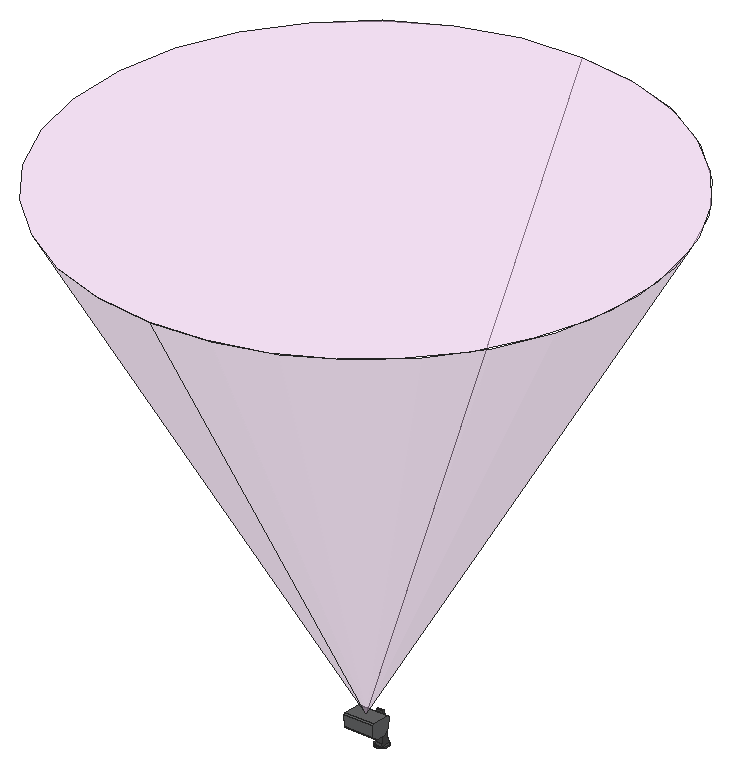
Revit family "Speaker-NearField-Panasonic-Wall_Mounted_RAMSA_WS-AR080SeriesX", category Communication Devices, host Face, Revit 2022
Family settings
  Host = Face
  Round Connector Dimension = Use Diameter
  Part Type = Normal
  OmniClass Number = 23.85.10.11.14.14.14
  OmniClass Title = Loudspeakers
  Cut with Voids When Loaded = No
  Maintain Annotation Orientation = Yes
  Shared = No
  Room Calculation Point = No
Parameters (values of type "RAMSA, WS-AR080K")
  z Portrait Layout [instance] = not(Landscape Layout)  # no
  z Landscape Layout [instance] = Landscape Layout  # yes
  Width = 312.00 mm  # constant formula
  Weight = 10.00 kgf  # constant formula
  View Volume Material = Panasonic - ViewVolume
  URL = "https://connect.panasonic.com/jp-ja/"
  Type = "2ウェイバスレフ形"  # constant formula
  Tilt Angle Min = 0.00°  # constant formula
  Tilt Angle Max [instance] = if(Landscape Layout, 20.00°, 15.00°)  # 20.00°
  Tilt Angle Desired [instance] = 0.00°
  Tilt Angle Actual [instance] = if(Tilt Angle Desired < Tilt Angle Min, Tilt Angle Min, if(Tilt Angle Desired > Tilt Angle Max, Tilt Angle Max, Tilt Angle Desired))  # 0.00°
  Speaker unit = "低域用 ：20 cmコーンスピーカー, 高域用 ：チタン振動板ドームツィーター（SCWGホーン）"  # constant formula
  Show CutOut [instance] = yes
  SV Visible = (1 = 0)  # no
  SPL Actual [instance] = if(Desired Coverage SPL on axis > Sound Power Level, Sound Power Level, if(Desired Coverage SPL on axis < Sound Power Level - 40, Sound Power Level - 40, Desired Coverage SPL on axis))  # 85
  SPL = "93 dB （1 W/m、Typical、半自由空間）"  # constant formula
  SCV Vertical Offset [instance] = if(z Landscape Layout, 312.00 mm / 2 + 78.40 mm, if(z Portrait Layout, 455.00 mm / 2 + 78.40 mm, 999.00 mm))  # 234.40 mm
  SCV Horizontal Offset [instance] = 105.00 mm  # constant formula
  Show Coverage Area [instance] = yes
  Reachable Distance Max [instance] = 200000.00 mm * tan(90.00° - Sound Coverage Horizontal Angle / 2)  # 346410.162 mm
  Limit for Reachable Distance Actual [instance] = if(Limit for Reachable Distance > Reachable Distance Max, Reachable Distance Max, if(Limit for Reachable Distance < 1.00 mm, 1.00 mm, Limit for Reachable Distance))  # 30000.00 mm
  Rated Input = "130W"  # constant formula
  Upper Limit for Reachable Distance [instance] = if(Limit for Reachable Distance > 400000.00 mm, 400000.00 mm, Limit for Reachable Distance)  # 30000.00 mm
  Limit for Reachable Distance [instance] = 30000.00 mm
  Landscape Layout [instance] = yes
  Desired Coverage SPL on axis [instance] = 85
  Sound Power Level = 93  # constant formula
  SCV Radius V [instance] = tan(Sound Coverage Vertical Angle / 2) * Reachable Distance  # 16535.261 mm
  SCV Radius H [instance] = tan(Sound Coverage Horizontal Angle / 2) * Reachable Distance  # 16535.261 mm
  Sound Coverage Vertical Angle = 60.00°  # constant formula
  Sound Coverage Horizontal Angle = 60.00°  # constant formula
  Reachable Distance [instance] = if(Calc Reachable * 1000.00 mm > Limit for Reachable Distance Actual, Limit for Reachable Distance Actual, Calc Reachable * 1000.00 mm)  # 28639.912 mm
  Provide Feedback = "https://connect.panasonic.com/jp-ja/products-services/sound/supportcenter"
  Product Page URL = "https://connect.panasonic.com/jp-ja/products-services/ramsa-sp/lineup/ws-ar080"
  Product Material = Plastic - HIPS Black (Munsell N1 Approx color)
  Product Documentation Link = "https://partner.connect.panasonic.com/jp-ja/products-services/lineup/WS-AR080-K"
  Part Number = "WS-AR080-K"
  Part Description = Description  # "RAMSA 20cm 2ウェイスピーカー WS-AR080-K"
  Pan Angle Min = -60.00°  # constant formula
  Pan Angle Max = 60.00°  # constant formula
  Pan Handle Length = 100.00 mm  # constant formula
  Pan Angle Desired [instance] = 0.00°
  Pan Angle Actual [instance] = if(Pan Angle Desired < Pan Angle Min, Pan Angle Min, if(Pan Angle Desired > Pan Angle Max, Pan Angle Max, Pan Angle Desired))  # 0.00°
  Original Creation Date = "2024/08/05"  # constant formula
  Operational Temperature = "-10℃~+50℃"  # constant formula
  Model Disclaimer = "Contact Panasonic for more information"  # constant formula
  Model = Description  # "RAMSA 20cm 2ウェイスピーカー WS-AR080-K"
  Manufacturer = "Panasonic"  # constant formula
  Input connector = "2個（パラレル、推奨プラグ NL2FX / NL4FX）"  # constant formula
  Input Impedance = "8 Ω"  # constant formula
  Height = 455.00 mm  # constant formula
  Frequency characteristic = "40 Hz～20 kHz（－20 dB、Typical、半自由空間）, 70 Hz～18 kHz（－10 dB、Typical、半自由空間）"  # constant formula
  Finish = "エンクロージャー ：PP樹脂成型、黒色半艶塗装（マンセルN1近似色） パンチングネット ：金属製（SPCC）、黒色半艶塗装（マンセルN1近似色）"
  Family Version = "1.0.0"  # constant formula
  Equipment Number = ""
  Equipment Abbreviation = "SP"  # constant formula
  Distance to Left [instance] = 8000.00 mm
  Distance to Right [instance] = 8000.00 mm
  Distance to Front [instance] = 8000.00 mm
  Distance to Bottom [instance] = 8000.00 mm
  Distance to Top [instance] = 8000.00 mm
  Description = "RAMSA 20cm 2ウェイスピーカー WS-AR080-K"
  Depth = 260.00 mm  # constant formula
  Default Elevation = 2700.00 mm  # constant formula
  Date Last Modified = "2024/08/05"  # constant formula
  Cutout Offset [instance] = 400010.00 mm  # constant formula
  Coverage = "60° x 60°"  # constant formula
  Copyright = "Copyright © Panasonic"  # constant formula
  Calc Reachable [instance] = 10 ^ ((Sound Power Level + 10 * log(130) - SPL Actual) / 20)  # 28.6399
  CO Distance to Right [instance] = if(not(Show CutOut), 200000.00 mm, if(and(Show CutOut, Distance to Right < 100.00 mm), 100.00 mm, if(and(Show CutOut, Distance to Right > 400000.00 mm), 400000.00 mm, Distance to Right)))  # 8000.00 mm
  CO Distance to Left [instance] = if(not(Show CutOut), 200000.00 mm, if(and(Show CutOut, Distance to Left < 100.00 mm), 100.00 mm, if(and(Show CutOut, Distance to Left > 400000.00 mm), 400000.00 mm, Distance to Left)))  # 8000.00 mm
  CO Distance to Front [instance] = if(not(Show CutOut), 200000.00 mm, if(and(Show CutOut, Distance to Front < 100.00 mm), 100.00 mm, if(and(Show CutOut, Distance to Front > 400000.00 mm), 400000.00 mm, Distance to Front)))  # 8000.00 mm
  CO Distance to Bottom [instance] = if(not(Show CutOut), 200000.00 mm, if(and(Show CutOut, Distance to Bottom < 100.00 mm), 100.00 mm, if(and(Show CutOut, Distance to Bottom > 400000.00 mm), 400000.00 mm, Distance to Bottom)))  # 8000.00 mm
  CO Distance to Top [instance] = if(not(Show CutOut), 200000.00 mm, if(and(Show CutOut, Distance to Top < 100.00 mm), 100.00 mm, if(and(Show CutOut, Distance to Top > 400000.00 mm), 400000.00 mm, Distance to Top)))  # 8000.00 mm
Types (2, lengths in mm): name | Product Material | Product Documentation Link | Part Number | Part Description | Model | Finish | Description
  RAMSA, WS-AR080W | Plastic - HIPS White (Munsell N9.3 Approx color） | "https://partner.connect.panasonic.com/jp-ja/products-services/lineup/WS-AR080-W" | "WS-AR080-W" | "RAMSA 20cm 2ウェイスピーカー WS-AR080-W" | "RAMSA 20cm 2ウェイスピーカー WS-AR080-W" | "エンクロージャー ：PP樹脂成型、白色半艶塗装（マンセルN9近似色）, パンチングネット ：金属製（SPCC）、白色半艶塗装（マンセルN9近似色）" | "RAMSA 20cm 2ウェイスピーカー WS-AR080-W"
  RAMSA, WS-AR080K | Plastic - HIPS Black (Munsell N1 Approx color) | "https://partner.connect.panasonic.com/jp-ja/products-services/lineup/WS-AR080-K" | "WS-AR080-K" | "RAMSA 20cm 2ウェイスピーカー WS-AR080-K" | "RAMSA 20cm 2ウェイスピーカー WS-AR080-K" | "エンクロージャー ：PP樹脂成型、黒色半艶塗装（マンセルN1近似色） パンチングネット ：金属製（SPCC）、黒色半艶塗装（マンセルN1近似色）" | "RAMSA 20cm 2ウェイスピーカー WS-AR080-K"
Reference planes
  plane 1 "Center (Front/Back)": y = 0
  plane 2: z = 0
  plane 3 "Center (Left/Right)": x = 0
  plane 4 "Left cut": x = -8000
  plane 5 "Right cut": x = 8000
  plane 6 "Left Bracket": x = -24
  plane 7 "Right Bracket": x = 24
  plane 8: x = -400010
  plane 9: x = 400010
  plane 10: y = 100
  plane 11: y = -40
  plane 12: y = -67.6
  plane 13: z = 510
  plane 14: z = 455
  plane 15 "Front Cut": z = 8000
  plane 16 "Under Cut": y = -8000
  plane 17: x = -400010
  plane 18: x = 400010
  plane 19: z = 400010
  plane 20: y = 8000
  plane 21: z = -400010
Forms (mm)
  Revolve 1, solid, material "Panasonic - ViewVolume" <- "View Volume Material", visible <- "Show Coverage Area"
    sketch origin (0, -502, 560) x (0, 0, 1) y (0, -1, 0)
      loop
        line (0, -200) -> (28640.174, -200) -> (28640.174, 16335.412) -> (0, -200)
      axis (0, -200) -> (28640.174, -200)
    angle from 0 to 360
  Extrusion 2, void
    sketch origin (0, 0, 0) x (-1, 0, 0) y (0, 0, 1)
      loop
        line (400010, 400010) -> (-400010, 400010) -> (-400010, -400010) -> (400010, -400010) -> (400010, 400010)
      loop
        line (8000, 8000) -> (-8000, 8000) -> (-8000, 0) -> (8000, 0) -> (8000, 8000)
    from -8000 to 8000
  Extrusion 3, void
    sketch origin (0, -8000, -3740) x (0, 0, 1) y (1, 0, 0)
      loop
        line (-396270, -400010) -> (403750, -400010) -> (403750, 400010) -> (-396270, 400010) -> (-396270, -400010)
    from 0 to -400010
  Extrusion 4, void
    sketch origin (0, 8000, -3740) x (0, 0, 1) y (1, 0, 0)
      loop
        line (-396270, 400010) -> (-396270, -400010) -> (403750, -400010) -> (403750, 400010) -> (-396270, 400010)
    from 0 to 400010
Cuts and joins
  Extrusion 2, Extrusion 3, Extrusion 4 cuts Revolve 1
Lines and regions (mm)
  reference lines
    curve 1: line (0, -67.6, 455) -> (100, -67.6, 455)
    curve 2: line (0, -67.6, 455) -> (0, -67.6, 335)
    curve 3: line (0, -67.6, 455) -> (0, -67.6, 305)
    curve 4: line (0, -302, 455) -> (0, -67.6, 455)
    curve 5: line (0, -302, 455) -> (0, -302, 560)
    curve 6: line (0, -502, 560) -> (0, -302, 560)
    curve 7: line (0, -502, 560) -> (0, -502, 29199.912)
    curve 8: line (0, -502, 29200.174) -> (0, 198, 29200.174)
Dimensions and locks
  equal spacing: plane 6 "Left Bracket", plane 3 "Center (Left/Right)", plane 7 "Right Bracket"
  plane 6 "Left Bracket" to plane 7 "Right Bracket" = 48.00 mm
  "CO Distance to Left": plane 4 "Left cut" to plane 3 "Center (Left/Right)"
  "CO Distance to Right": plane 3 "Center (Left/Right)" to plane 5 "Right cut"
  "Cutout Offset": plane 8 to plane 3 "Center (Left/Right)"
  "Cutout Offset": plane 3 "Center (Left/Right)" to plane 9
  locked: plane 1 "Center (Front/Back)" to plane 10 at 100
  locked: plane 11 to plane 10 at 140
  locked: plane 12 to plane 11 at 27.6
  locked: plane 13 to level at 510
  locked: plane 13 to plane 14 at 55
  locked: curve 1 to curve 1 at 100
  locked: curve 3 to curve 3 at 150
  "SCV Vertical Offset": curve 4 to curve 4
  "SCV Horizontal Offset": curve 5 to curve 5
  locked: curve 6 to curve 6 at 200
  "Reachable Distance": curve 7 to curve 7
  locked: curve 8 to curve 8 at 700
  "CO Distance to Front": plane 15 "Front Cut" to level
  "CO Distance to Bottom": plane 16 "Under Cut" to plane 1 "Center (Front/Back)"
  "Cutout Offset": plane 3 "Center (Left/Right)" to plane 17
  "Cutout Offset": plane 18 to plane 3 "Center (Left/Right)"
  "Cutout Offset": plane 19 to level
  "CO Distance to Top": plane 1 "Center (Front/Back)" to plane 20
  "Cutout Offset": level to plane 21
  "Pan Angle Actual": angle curve 1 to plane 14
  locked: curve 2 to curve 1 (angle 90.00°)
  "Tilt Angle Actual": angle curve 2 to curve 3
  locked: curve 4 to curve 5 (angle 90.00°)
  locked: curve 6 to curve 5 (angle 90.00°)
  locked: curve 6 to curve 7 (angle 90.00°)
  locked: curve 7 to curve 8 (angle 90.00°)
  angle Revolve 1 sketch curve to Revolve 1 sketch curve = 30.00°
  aligned and locked: plane 2 to host face
  aligned and locked: level to host face
  aligned and locked: plane 14 to curve 1
  aligned and locked: plane 3 "Center (Left/Right)" to curve 1
  aligned and locked: curve 2 to curve 3
  aligned and locked: curve 4 to curve 3
  aligned and locked: curve 4 to curve 4
  aligned and locked: curve 5 to curve 4
  aligned and locked: curve 5 to curve 6
  aligned and locked: curve 7 to curve 6
  aligned and locked: curve 7 to curve 8
  aligned and locked: Revolve 1 sketch curve to curve 5
  aligned and locked: Extrusion 2 sketch curve to plane 17
  aligned and locked: Extrusion 2 sketch curve to plane 19
  aligned and locked: Extrusion 2 sketch curve to plane 18
  aligned and locked: Extrusion 2 sketch curve to plane 5 "Right cut"
  aligned and locked: Extrusion 2 sketch curve to plane 15 "Front Cut"
  aligned and locked: Extrusion 2 to plane 16 "Under Cut"
  aligned and locked: Extrusion 2 to plane 20
  aligned and locked: Extrusion 3 sketch curve to plane 8
  aligned and locked: Extrusion 3 sketch curve to plane 19
  aligned and locked: Extrusion 3 sketch curve to plane 18
  aligned and locked: Extrusion 4 sketch curve to plane 19
  aligned and locked: Extrusion 4 sketch curve to plane 17
  aligned and locked: Extrusion 4 sketch curve to plane 9
  aligned and locked: level to Extrusion 2 sketch curve
  aligned and locked: Extrusion 2 sketch curve to level
  aligned and locked: Extrusion 2 to Extrusion 4
  aligned and locked: Extrusion 3 to Extrusion 2
Automatic sketch dimensions
  host sketch curve to host sketch curve = 2438.40 mm  (x2)
  curve 6 to curve 5 = 0.00 mm
  curve 7 to curve 6 = 0.00 mm
  curve 7 to curve 8 = 0.262 mm
  curve 7 to Revolve 1 sketch curve = 0.00 mm  (x2)
  Revolve 1 sketch curve to curve 7 = 200.00 mm
  curve 7 to Revolve 1 sketch curve = 0.262 mm
  Revolve 1 sketch curve to curve 7 = 105.00 mm
  Extrusion 2 sketch curve to plane 4 "Left cut" = 0.00 mm
  Extrusion 2 sketch curve to plane 21 = 0.00 mm
  Extrusion 4 sketch curve to level = 400010.00 mm
  Extrusion 3 sketch curve to level = 400010.00 mm
  curve 2 to curve 3 = 0.00 mm
  curve 4 to curve 3 = 0.00 mm
  curve 5 to curve 4 = 0.00 mm
Nested families
  nested 1: "壁掛けスピーカー注釈" at (0, 0, 0), type "壁掛けスピーカー注釈"
  nested 2: "Wall Mount" at (0, 0, 0), type "Wall Mount"
  nested 3: "Speaker Body" at (0, -67.6, 455) x (1, 0, 0) z (0, -1, 0), Landscape Layout <- "z Landscape Layout", Portrait Layout <- "z Portrait Layout", Product Material <- "Product Material", type "Speaker Body"
    with Product Material Plastic - HIPS Black (Munsell N1 Approx color), Portrait Layout no, Landscape Layout yes
Connectors
  electrical at (-2.486, -302, 300)
    settings: on nested 3, index 1, voltage 0 V, apparent load 0 VA, apparent load phase1 0 VA, apparent load phase2 0 VA, apparent load phase3 0 VA, power factor 1, load classification "Other", number of poles 1, system type 14, power factor state 1, is connector primary yes, connector utility no, sub classification motor no, connector description "Electrical Connection"
Definition of nested family "Wall Mount"
  Parameters (values of type "Wall Mount")
    Default Elevation = 1219.20 mm
    Accessary Material = none
  Reference planes
    plane 1 "Center (Front/Back)": y = 0
    plane 2: z = 0
    plane 3 "Center (Left/Right)": x = 0
    plane 4: z = 510
    plane 5: y = -100
    plane 6: y = 100
    plane 7: y = -40
    plane 8: y = -67.6
    plane 9: z = 455
    plane 10: z = 444.5
    plane 11: z = 123
    plane 12: z = 44.6
  Forms (mm)
    Extrusion 1, solid
      sketch origin (0, 0, 0) x (1, 0, 0) y (0, 1, 0)
        loop
          line (-1219.2, 1219.2) -> (-1219.2, -1219.2) -> (1219.2, -1219.2) -> (1219.2, 1219.2) -> (-1219.2, 1219.2)
      from 0 to -304.8
    Revolve 2, solid, material <- "Accessary Material"
      sketch origin (0, 0, 0) x (0, 1, 0) y (0, 0, 1)
        loop
          line (0, 0) -> (0, 10) -> (-100, 10) -> (-100, 0) -> (0, 0)
        axis (0, 0) -> (0, 10)
      angle from 0 to 360
    Extrusion 3, solid, material <- "Accessary Material"
      sketch origin (0, 0, 0) x (0, 1, 0) y (0, 0, 1)
        loop
          line (-40, 510) -> (-40, 40) -> (-83.731, 15.76) -> (-83.731, 10) -> (91.269, 10) -> (91.269, 23.085) -> (64.819, 33.238) -> (-13.147, 510) -> (-40, 510)
      from -47.5 to 47.5
    Revolve 4, solid, material <- "Accessary Material"
      sketch origin (0, 0, 0) x (0, 1, 0) y (0, 0, 1)
        loop
          line (-40, 455) -> (-90, 455) -> (-90, 435) -> (-40, 435) -> (-40, 455)
        axis (-90, 455) -> (-40, 455)
      angle from 0 to 360
  Dimensions and locks
    plane 4 to level = 510.00 mm
    equal spacing: plane 5, plane 1 "Center (Front/Back)", plane 6, locked at 100 each
    locked: plane 5 to plane 6 at 200
    plane 7 to plane 6 = 140.00 mm
    plane 8 to plane 7 = 27.60 mm
    plane 4 to plane 9 = 55.00 mm
    plane 9 to plane 10 = 10.50 mm
    locked: plane 11 to level at 123
    locked: plane 12 to level at 44.6
    aligned and locked: plane 2 to Extrusion 1
    aligned and locked: level to Extrusion 1
  Automatic sketch dimensions
    Extrusion 1 sketch curve to Extrusion 1 sketch curve = 2438.40 mm  (x2)
    Revolve 2 sketch curve to level = 0.00 mm  (x2)
    Revolve 2 sketch curve to plane 5 = 0.00 mm
    Revolve 2 sketch curve to plane 1 "Center (Front/Back)" = 0.00 mm  (x2)
    Revolve 2 sketch curve to Revolve 2 sketch curve = 10.00 mm
    Revolve 2 sketch curve to Revolve 2 sketch curve = 15.00 mm
    Extrusion 3 sketch curve to plane 7 = 0.00 mm
    Extrusion 3 sketch curve to plane 4 = 0.00 mm
    Extrusion 3 sketch curve to plane 8 = 16.131 mm
    plane 6 to Extrusion 3 sketch curve = 35.181 mm
    plane 6 to Extrusion 3 sketch curve = 8.731 mm
    level to Extrusion 3 sketch curve = 40.00 mm
    level to Extrusion 3 sketch curve = 33.238 mm
    level to Extrusion 3 sketch curve = 23.085 mm
    level to Extrusion 3 sketch curve = 15.76 mm
    Extrusion 3 sketch curve to Extrusion 3 sketch curve = 5.76 mm
    plane 1 "Center (Front/Back)" to Extrusion 3 sketch curve = 13.147 mm
    Revolve 4 sketch curve to plane 9 = 0.00 mm  (x2)
    Revolve 4 sketch curve to plane 7 = 0.00 mm
    Revolve 4 sketch curve to plane 5 = 10.00 mm
    Revolve 4 sketch curve to plane 10 = 9.50 mm
    Revolve 4 sketch curve to plane 5 = 1.718 mm
    plane 1 "Center (Front/Back)" to Revolve 4 sketch curve = 18.282 mm
Definition of nested family "Speaker Body"
  Parameters (values of type "Speaker Body")
    Product Material [instance] = none
    Portrait Layout [instance] = no
    Landscape Layout [instance] = yes
    Default Elevation = 1219.20 mm
    Accesary Material = none
  Reference planes
    plane 1 "Center (Front/Back)": y = 0
    plane 2: z = 0
    plane 3 "Center (Left/Right)": x = 0
    plane 4: x = 156
    plane 5: x = -156
    plane 6: z = 78.4
    plane 7: y = -10.5
    plane 8: y = 105
    plane 9: y = -155
    plane 10: z = 533.4
  Forms (mm)
    Extrusion 1, solid
      sketch origin (0, 0, 0) x (1, 0, 0) y (0, 1, 0)
        loop
          line (-1219.2, 1219.2) -> (-1219.2, -1219.2) -> (1219.2, -1219.2) -> (1219.2, 1219.2) -> (-1219.2, 1219.2)
      from 0 to -304.8
    Extrusion 2, solid, material <- "Accesary Material"
      sketch origin (0, 0, 0) x (0, 1, 0) y (0, 0, 1)
        loop
          line (-37.5, 86.519) -> (-37.5, 53.4) -> (-22.985, -4.818)
          arc (-22.985, -4.818) -> (-8.502, -12.404) -> (7.815, -13.43) r 39.233
          arc (7.815, -13.43) -> (19.347, -3.15) -> (14.5, 11.519) r 14.075
          line (14.5, 11.519) -> (14.5, 16.519) -> (19.5, 16.519) -> (19.5, 86.519) -> (-37.5, 86.519)
        loop
          circle (0, 0) r 8
      from -85 to 85
    Extrusion 3, solid, material <- "Product Material", visible <- "Portrait Layout"
      sketch origin (0, 0, 0) x (0, 1, 0) y (0, 0, 1)
        loop
          line (-155, 533.4) -> (-155, 78.4) -> (105, 78.4) -> (105, 533.4) -> (-155, 533.4)
      from -156 to 156
    Extrusion 4, void
      sketch origin (0, 0, 0) x (1, 0, 0) y (0, 1, 0)
        loop
          line (-219.986, 175.066) -> (-219.986, -209.934) -> (215.014, -209.934) -> (215.014, 175.066) -> (-219.986, 175.066)
        loop
          line (-134.986, 105) -> (-156, 83.986) -> (-143.793, -90.588) -> (-67.029, -155) -> (67.029, -155) -> (143.793, -90.588) -> (156, 83.986) -> (134.986, 105) -> (-134.986, 105)
      from 78.4 to 533.4
    Extrusion 5, void
      sketch origin (0, 0, 0) x (1, 0, 0) y (0, 0, 1)
        loop
          line (-108.597, 100.308) -> (-108.597, -29.692) -> (-16.908, -29.692) -> (-22.929, -23.671) -> (-22.929, 66.329) -> (-30, 73.4) -> (-85, 73.4) -> (-85, 90.607) -> (85, 90.607) -> (85, 73.4) -> (30, 73.4) -> (22.929, 66.329) -> (22.929, -23.671) -> (16.908, -29.692) -> (108.964, -29.692) -> (108.964, 100.308) -> (-108.597, 100.308)
      from -112.5 to 112.5
    Extrusion 6, solid, material <- "Product Material", visible <- "Landscape Layout"
      sketch origin (-308.386, 0, 234.4) x (1, 0, 0) y (0, 1, 0)
        loop
          line (78.4, 105) -> (78.4, -155) -> (533.4, -155) -> (533.4, 105) -> (78.4, 105)
      from -156 to 156
    Extrusion 7, void
      sketch origin (-308.386, 0, 234.4) x (0, 0, -1) y (0, 1, 0)
        loop
          line (-219.986, 175.066) -> (-219.986, -209.934) -> (215.014, -209.934) -> (215.014, 175.066) -> (-219.986, 175.066)
        loop
          line (-134.986, 105) -> (-156, 83.986) -> (-143.793, -90.588) -> (-67.029, -155) -> (67.029, -155) -> (143.793, -90.588) -> (156, 83.986) -> (134.986, 105) -> (-134.986, 105)
      from 78.4 to 533.4
  Cuts and joins
    Extrusion 4 cuts Extrusion 3
    Extrusion 5 cuts Extrusion 2
    Extrusion 7 cuts Extrusion 6
  Dimensions and locks
    equal spacing: plane 5, plane 3 "Center (Left/Right)", plane 4, locked at 156 each
    plane 5 to plane 4 = 312.00 mm
    plane 6 to level = 78.40 mm
    plane 7 to plane 1 "Center (Front/Back)" = 10.50 mm
    locked: plane 1 "Center (Front/Back)" to plane 8 at 105
    locked: plane 9 to plane 8 at 260
    locked: plane 10 to plane 6 at 455
    aligned and locked: plane 2 to Extrusion 1
    aligned and locked: level to Extrusion 1
    aligned and locked: Extrusion 3 sketch curve to plane 10
    aligned and locked: plane 9 to Extrusion 3 sketch curve
    aligned and locked: plane 6 to Extrusion 3 sketch curve
    aligned and locked: plane 8 to Extrusion 3
  Automatic sketch dimensions
    Extrusion 1 sketch curve to Extrusion 1 sketch curve = 2438.40 mm  (x2)
    plane 8 to Extrusion 3 sketch curve = 0.00 mm
    Extrusion 4 sketch curve to plane 5 = 0.00 mm
    Extrusion 4 sketch curve to plane 8 = 0.00 mm
    Extrusion 4 sketch curve to plane 9 = 0.00 mm
    Extrusion 4 sketch curve to plane 4 = 0.00 mm
    plane 5 to Extrusion 4 sketch curve = 63.986 mm
    Extrusion 4 sketch curve to plane 5 = 12.207 mm
    Extrusion 4 sketch curve to plane 5 = 21.014 mm
    Extrusion 4 sketch curve to plane 4 = 21.014 mm
    Extrusion 4 sketch curve to plane 4 = 12.207 mm
    plane 4 to Extrusion 4 sketch curve = 59.014 mm
    Extrusion 4 sketch curve to plane 9 = 54.934 mm
    plane 9 to Extrusion 4 sketch curve = 64.412 mm  (x2)
    Extrusion 4 sketch curve to plane 8 = 21.014 mm  (x2)
    plane 8 to Extrusion 4 sketch curve = 70.066 mm
    Extrusion 4 sketch curve to plane 3 "Center (Left/Right)" = 67.029 mm
    plane 3 "Center (Left/Right)" to Extrusion 4 sketch curve = 67.029 mm
    Extrusion 6 sketch curve to plane 9 = 0.00 mm
    plane 5 to Extrusion 6 sketch curve = 73.986 mm
    Extrusion 6 sketch curve to plane 5 = 381.014 mm
    plane 8 to Extrusion 6 sketch curve = 0.00 mm
    Extrusion 7 sketch curve to plane 8 = 0.00 mm
    Extrusion 7 sketch curve to plane 9 = 0.00 mm
    Extrusion 7 sketch curve to plane 9 = 54.934 mm
    Extrusion 7 sketch curve to plane 10 = 79.014 mm
    Extrusion 7 sketch curve to plane 8 = 21.014 mm  (x2)
    Extrusion 7 sketch curve to Extrusion 7 sketch curve = 63.986 mm
    plane 9 to Extrusion 7 sketch curve = 64.412 mm  (x2)
    Extrusion 7 sketch curve to Extrusion 7 sketch curve = 76.193 mm
    Extrusion 7 sketch curve to Extrusion 7 sketch curve = 21.014 mm  (x2)
    Extrusion 7 sketch curve to Extrusion 7 sketch curve = 76.764 mm  (x2)
    Extrusion 7 sketch curve to Extrusion 7 sketch curve = 134.058 mm
    Extrusion 7 sketch curve to plane 10 = 433.986 mm
    Extrusion 7 sketch curve to Extrusion 7 sketch curve = 80.028 mm
    plane 8 to Extrusion 7 sketch curve = 70.066 mm
    Extrusion 2 sketch curve to level = 0.00 mm
    Extrusion 2 sketch curve to plane 1 "Center (Front/Back)" = 0.00 mm
    Extrusion 2 sketch curve to level = 4.818 mm
    Extrusion 2 sketch curve to plane 7 = 12.485 mm
    plane 6 to Extrusion 2 sketch curve = 8.119 mm
    Extrusion 2 sketch curve to plane 7 = 27.00 mm
    Extrusion 2 sketch curve to plane 1 "Center (Front/Back)" = 2.063 mm
    level to Extrusion 2 sketch curve = 0.493 mm
    Extrusion 2 sketch curve to plane 1 "Center (Front/Back)" = 5.751 mm
    Extrusion 2 sketch curve to Extrusion 2 sketch curve = 8.749 mm
    Extrusion 2 sketch curve to plane 1 "Center (Front/Back)" = 19.50 mm
    level to Extrusion 2 sketch curve = 11.519 mm
    Extrusion 2 sketch curve to Extrusion 2 sketch curve = 5.00 mm
    Extrusion 2 sketch curve to Extrusion 2 sketch curve = 8.861 mm
    Extrusion 2 sketch curve to plane 6 = 25.00 mm
    Extrusion 5 sketch curve to plane 5 = 47.403 mm
    Extrusion 5 sketch curve to plane 6 = 5.00 mm  (x2)
    Extrusion 5 sketch curve to Extrusion 5 sketch curve = 23.597 mm
    Extrusion 5 sketch curve to plane 3 "Center (Left/Right)" = 30.00 mm
    Extrusion 5 sketch curve to Extrusion 5 sketch curve = 7.071 mm  (x4)
    Extrusion 5 sketch curve to Extrusion 5 sketch curve = 6.021 mm  (x3)
    plane 3 "Center (Left/Right)" to Extrusion 5 sketch curve = 16.908 mm
    plane 6 to Extrusion 5 sketch curve = 12.207 mm
    Extrusion 5 sketch curve to Extrusion 5 sketch curve = 55.00 mm
    Extrusion 5 sketch curve to plane 4 = 47.036 mm
    Extrusion 5 sketch curve to level = 23.671 mm  (x2)
    Extrusion 5 sketch curve to level = 29.692 mm
    plane 6 to Extrusion 5 sketch curve = 21.908 mm
    radius of Extrusion 2 sketch curve = 8.00 mm
Definition of nested family "壁掛けスピーカー注釈"
  Parameters (values of type "壁掛けスピーカー注釈")
    ラベル = "s"
  Reference planes
    plane 1: y = 0
    plane 2: x = 0
  Lines and regions (mm)
    Masking region 1, not visible
      outline origin (0, 2, 0) x (1, 0, 0) y (0, 1, 0)
        loop
          line (-2, -2) -> (2, -2) -> (2, 2) -> (-2, 2) -> (-2, -2)
    Masking region 2
      outline origin (0, 0, 0) x (1, 0, 0) y (0, 1, 0)
        loop
          line (-2, 4) -> (-2, 0) -> (2, 0) -> (2, 4) -> (-2, 4)
    detail lines
      curve 1: line (-2, 4, 0) -> (2, 4, 0)
      curve 2: line (-2, 0, 0) -> (-2, 4, 0)
      curve 3: line (2, 0, 0) -> (-2, 0, 0)
      curve 4: line (2, 4, 0) -> (2, 0, 0)
      curve 5: line (-2, 3.2, 0) -> (2, 3.2, 0)
      curve 6: line (-2, 3.2, 0) -> (0, 0, 0)
      curve 7: line (0, 0, 0) -> (2, 3.2, 0)
  Dimensions and locks
    equal spacing: Masking region 1 sketch curve, plane 2, Masking region 1 sketch curve, locked at 2 each
    Masking region 1 sketch curve to plane 1 to Masking region 1 sketch curve = 0.00 mm, 4.00 mm
    curve 3 to curve 5 = 3.20 mm
    aligned and locked: curve 1 to Masking region 1
    aligned and locked: curve 2 to Masking region 1
    aligned and locked: curve 3 to Masking region 1
    aligned and locked: curve 4 to Masking region 1
    aligned and locked: curve 3 to plane 1
    aligned and locked: Masking region 2 sketch curve to curve 1
    aligned and locked: Masking region 2 sketch curve to curve 2
    aligned and locked: Masking region 2 sketch curve to curve 3
    aligned and locked: Masking region 2 sketch curve to curve 4
